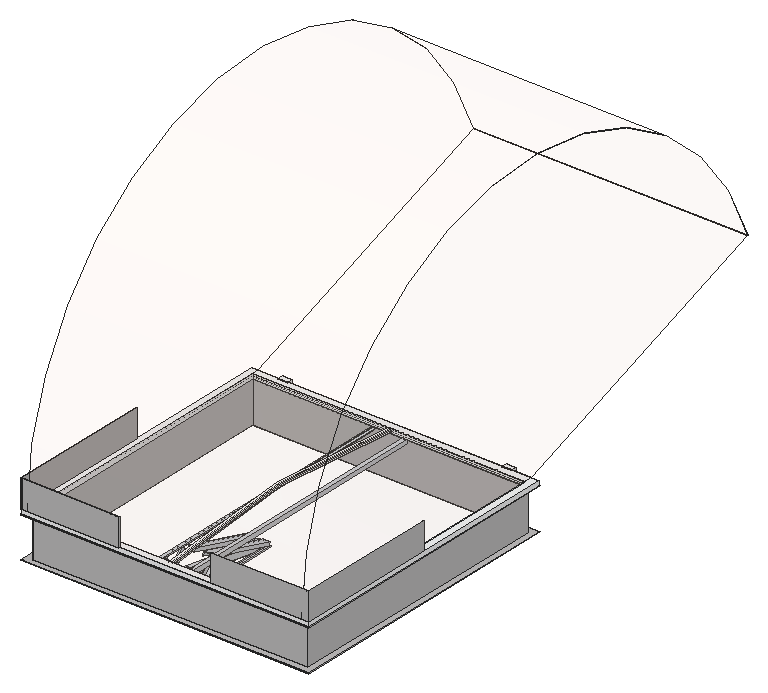
Revit family "Aluco Fire SP 1P (HI) (en)", category Generic Models, Revit 2020
Family settings
  Can host rebar = No
  Round Connector Dimension = Use Diameter
  Part Type = Normal
  OmniClass Number = 23.60.70.14.11
  OmniClass Title = Smoke Dampers
  Work Plane-Based = Yes
  Always vertical = No
  Cut with Voids When Loaded = Yes
  Shared = No
  Room Calculation Point = No
Parameters (values of type "bridge-free system with pneumatic drive")
  Opening length [instance] = [Vent width (B)] + 2 * [Opening narrowing (Length)]  # 2000 mm
  Note [instance] = if(or([Vent span (A)] > 3000 mm, [Vent span (A)] < 1000 mm, [Vent width (B)] > 2000 mm, [Vent width (B)] < 1000 mm), "The manufacturer's recommended dimensions have been exceeded", "-")  # "-"
  Opening narrowing (span) [instance] = 0 mm
  Wind exposure classification = "WL 1500"  # constant formula
  Vent span (A) [instance] = 2000 mm
  Space for thermal insulation [instance] = if([Space for thermal insulation (variant)] < 2, 50 mm, if([Space for thermal insulation (variant)] < 3, 80 mm, if([Space for thermal insulation (variant)] < 4, 100 mm, if([Space for thermal insulation (variant)] < 5, 150 mm, 200 mm))))  # 50 mm
  Smoke exhaust surface [instance] = 1.00 m² * size_lookup("ALUCO FIRE SP 1P (HI)", if(and([Opening narrowing (span)] = 0 mm, [Opening narrowing (Length)] = 0 mm, Deflectors), "Prosta z owiewkami", if(and([Opening narrowing (span)] = 0 mm, [Opening narrowing (Length)] = 0 mm, not(Deflectors)), "Prosta bez owiewek", if(and(or([Opening narrowing (span)] > 0 mm, [Opening narrowing (Length)] > 0 mm), Deflectors), "Skośna z owiewkami", "Skośna bez owiewek"))), 0 mm, round([Vent span (A)] / 100 mm) * 100 mm, round([Vent width (B)] / 100 mm) * 100 mm) / 1 mm  # 3.00 m²
  Profile material = Aluco - aluminum
  Product URL = "https://aluco.com.pl/oferta/oddymianie/klapy-punktowe/"
  Power supply = 0 V
  Panel thickness [instance] = if([Filling thickness (variant)] < 3, 10 mm, if([Filling thickness (variant)] < 5, 16 mm, if([Filling thickness (variant)] < 7, 20 mm, if([Filling thickness (variant)] < 9, 25 mm, if([Filling thickness (variant)] < 11, 20 mm, if([Filling thickness (variant)] < 13, 26 mm, 32 mm))))))  # 10 mm
  Panel material = Aluco - polycarbonate
  Opening span [instance] = [Vent span (A)] + 2 * [Opening narrowing (span)]  # 2000 mm
  Opening angle = 160.00°  # constant formula
  Maximum snow load = "SL 2000"  # constant formula
  Opening narrowing (Length) [instance] = 0 mm
  Range of motion [instance] = yes
  Vent width (B) [instance] = 2000 mm
  URL = "https://aluco.com.pl/"
  High temperature resistance class = "B 300"  # constant formula
  Heat transfer coefficient [instance] = "For verification after contact with the Manufacturer"  # constant formula
  Geometric surface [instance] = 1.00 m² * size_lookup("ALUCO FIRE SP 1P (HI)", "Powierzchnia geometryczna", 0 mm, round([Vent span (A)] / 100 mm) * 100 mm, round([Vent width (B)] / 100 mm) * 100 mm) / 1 mm  # 2.36 m²
  Fall protection safety grids [instance] = no
  Economic system = no
  Confirmed performance in extremely low temperatures = "T -15"  # constant formula
  Bridge-free system = not(Economic system)  # yes
  Span [instance] = "from 1000 mm x 1000 mm to 3000 mm x 2000 mm"  # constant formula
  Reliability of operation = "RE 10000"  # constant formula
  Space for thermal insulation (variant) [instance] = 0
  Manufacturer = "ALUCO SYSTEM SP. Z O.O"  # constant formula
  Drive type = "pneumatic drive"
  Description = "Single-leaf smoke damper with a straight and straight-slant base"  # constant formula
  Type Image = ALUCO FIRE SP 1P (HI).png
  Installation [instance] = if(and([Opening narrowing (span)] = 0 mm, [Opening narrowing (Length)] = 0 mm), "montage on a straight base", "montage on a straight-slant base")  # "montage on a straight base"
  Model = "Fire SP 1P (HI)"
  Type Comments = "Smoke damper in a bridge-free system with increased thermal insulation"
  Safety classification against drop from height = "SB 1200"  # constant formula
  Fire protection class = "BRoof (t1)"  # constant formula
  Catalog card [instance] = "no link to the card"
  IfcExportAs = "\"IfcWindowType\""
  Filling thickness (variant) [instance] = 1
  Base panel thickness (variant) [instance] = 0
  Deflectors [instance] = yes
  Deflector material = Aluco - galvanized steel
  Default Elevation = 0 mm  # constant formula
  Base panel thickness [instance] = if([Base panel thickness (variant)] < 2, 1.5 mm, 2 mm)  # 1.5 mm
  Base material = Aluco - galvanized steel
  Base height [instance] = 300 mm
Types (7, lengths in mm): name | Opening length | Vent span (A) | Smoke exhaust surface | Power supply | Opening span | Vent width (B) | Geometric surface | Economic system | Bridge-free system | Drive type | Model | Type Comments
  (no name) | 2000 | 2000 | 3.00 m² | 0 V | 2000 | 2000 | 2.36 m² | no | yes | "pneumatic drive" | "Fire SP 1P (HI)" | "Smoke damper in a bridge-free system with increased thermal insulation"
  bridge-free system with pneumatic drive | 2000 | 2000 | 3.00 m² | 0 V | 2000 | 2000 | 2.36 m² | no | yes | "pneumatic drive" | "Fire SP 1P (HI)" | "Smoke damper in a bridge-free system with increased thermal insulation"
  economical system with pneumatic drive | 2000 | 2000 | 3.00 m² | 0 V | 2000 | 2000 | 2.36 m² | yes | no | "pneumatic drive" | "Fire SP 1P" | "Smoke damper in a economical system"
  bridge-free system with pneumatic-electric drive | 2000 | 2000 | 3.00 m² | 230 V | 2000 | 2000 | 2.36 m² | no | yes | "pneumatic-electric drive" | "Fire SP 1P (HI)" | "Smoke damper in a bridge-free system with increased thermal insulation"
  bridge-free system with electric drive | 1000 | 1000 | 0.76 m² | 230 V | 1000 | 1000 | 1.00 m² | no | yes | "electric drive" | "Fire SP 1P (HI)" | "Smoke damper in a bridge-free system with increased thermal insulation"
  economical system with pneumatic-electric drive | 2000 | 2000 | 3.00 m² | 230 V | 2000 | 2000 | 2.36 m² | yes | no | "pneumatic-electric drive" | "Fire SP 1P" | "Smoke damper in a economical system"
  economical system with electric drive | 2000 | 2000 | 3.00 m² | 230 V | 2000 | 2000 | 2.36 m² | yes | no | "electric drive" | "Fire SP 1P" | "Smoke damper in a economical system"
Reference planes
  plane 1 "Środek (Przód/Tył)": y = 0
  plane 2: z = 0
  plane 3 "Środek (Lewa/Prawa)": x = 205.773
  plane 4: z = 300
  plane 5: x = -794.227
  plane 6: y = 1000
  plane 7: x = 1205.773
  plane 8: y = -1000
  plane 9: x = -794.227
  plane 10: y = -1000
  plane 11: x = 1205.773
  plane 12: y = 1000
  plane 13: x = -794.227
  plane 14: x = 1205.773
  plane 15: z = 500
  plane 16: z = -700
Forms (mm)
  Extrusion 1, solid, material "Aluco - galvanized steel" <- "Base material", detail levels medium+fine
    sketch origin (0, 0, 0) x (1, 0, 0) y (0, 1, 0)
      loop
        line (-845.727, 1051.5) -> (-845.727, -1051.5) -> (1257.273, -1051.5) -> (1257.273, 1051.5) -> (-845.727, 1051.5)
      loop
        line (-794.227, 1000) -> (-794.227, -1000) -> (1205.773, -1000) -> (1205.773, 1000) -> (-794.227, 1000)
    from 0 to 1.5 <- "Base panel thickness"
  Extrusion 2, solid, material "Aluco - galvanized steel" <- "Base material", detail levels medium+fine
    sketch origin (4267.2, -1436.636, 300) x (0, -1, 0) y (1, 0, 0)
      loop
        line (-2436.636, -5061.427) -> (-436.636, -5061.427) -> (-436.636, -3061.427) -> (-2436.636, -3061.427) -> (-2436.636, -5061.427)
      loop
        line (-2488.136, -5112.927) -> (-385.136, -5112.927) -> (-385.136, -3009.927) -> (-2488.136, -3009.927) -> (-2488.136, -5112.927)
    from 0 to 1.5
  Blend 3, solid, material "Aluco - galvanized steel" <- "Base material", detail levels medium+fine
    base sketch origin (0, 0, 0) x (1, 0, 0) y (0, 1, 0)
      loop
        line (-795.727, 1001.5) -> (-795.727, -1001.5) -> (1207.273, -1001.5) -> (1207.273, 1001.5) -> (-795.727, 1001.5)
    top sketch origin (0, 0, 0) x (1, 0, 0) y (0, 1, 0)
      loop
        line (-795.727, 1001.5) -> (-795.727, -1001.5) -> (1207.273, -1001.5) -> (1207.273, 1001.5) -> (-795.727, 1001.5)
    from 0 to 300
  Blend 4, void
    base sketch origin (0, 0, 0) x (1, 0, 0) y (0, 1, 0)
      loop
        line (-794.227, 1000) -> (-794.227, -1000) -> (1205.773, -1000) -> (1205.773, 1000) -> (-794.227, 1000)
    top sketch origin (0, 0, 0) x (1, 0, 0) y (0, 1, 0)
      loop
        line (-794.227, 1000) -> (-794.227, -1000) -> (1205.773, -1000) -> (1205.773, 1000) -> (-794.227, 1000)
    from 0 to 300
  Extrusion 5, solid, detail levels coarse
    sketch origin (0, 0, 0) x (1, 0, 0) y (0, 1, 0)
      loop
        line (-794.227, 1000) -> (-794.227, -1000) -> (1205.773, -1000) -> (1205.773, 1000) -> (-794.227, 1000)
    from 0 to 500
  Extrusion 6, void
    sketch origin (0, 0, 0) x (1, 0, 0) y (0, 1, 0)
      loop
        line (-794.227, 1000) -> (-794.227, -1000) -> (1205.773, -1000) -> (1205.773, 1000) -> (-794.227, 1000)
    from -700 to 300
  Extrusion 7, solid, material "Aluco - range of motion", visible <- "Range of motion", detail levels medium+fine
    sketch origin (205.773, 0, 0) x (0, 1, 0) y (0, 0, 1)
      loop
        line (-1048.5, 335) -> (1046.5, 335) -> (3015.156, 1051.532)
        arc (3015.156, 1051.532) -> (682.707, 2398.172) -> (-1048.5, 335) r 2095
    from -1000 to 1000
  Extrusion 8, solid, material "Aluco - fall protection safety grids", visible <- "Fall protection safety grids", detail levels medium+fine
    sketch origin (4267.2, -1436.636, 300) x (0, -1, 0) y (1, 0, 0)
      loop
        line (-2436.636, -5061.427) -> (-436.636, -5061.427) -> (-436.636, -3061.427) -> (-2436.636, -3061.427) -> (-2436.636, -5061.427)
    from 0 to -5
Cuts and joins
  Blend 4 cuts Blend 3
  joined: Extrusion 1, Extrusion 2, Blend 3
Lines and regions (mm)
  reference lines
    curve 1: line (-844.227, 1050, 0) -> (1255.773, 1050, 0)
    curve 2: line (-844.227, -1050, 0) -> (-844.227, 1050, 0)
    curve 3: line (1255.773, -1050, 0) -> (-844.227, -1050, 0)
    curve 4: line (1255.773, 1050, 0) -> (1255.773, -1050, 0)
    curve 5: line (-844.227, 1050, 0) -> (1255.773, 1050, 0)
    curve 6: line (-844.227, -1050, 0) -> (-844.227, 1050, 0)
    curve 7: line (1255.773, -1050, 0) -> (-844.227, -1050, 0)
    curve 8: line (1255.773, 1050, 0) -> (1255.773, -1050, 0)
Dimensions and locks
  "Base height": plane 4 to level
  equal spacing: plane 5, plane 3 "Środek (Lewa/Prawa)", plane 7
  "Opening length": plane 5 to plane 7
  equal spacing: plane 6, plane 1 "Środek (Przód/Tył)", plane 8
  "Opening span": plane 6 to plane 8
  equal spacing: plane 10, plane 1 "Środek (Przód/Tył)", plane 12
  "Vent span (A)": plane 10 to plane 12
  equal spacing: plane 9, plane 3 "Środek (Lewa/Prawa)", plane 11
  "Vent width (B)": plane 9 to plane 11
  "Space for thermal insulation": curve 5 to plane 6
  "Space for thermal insulation": curve 6 to plane 5
  "Space for thermal insulation": curve 2 to plane 9
  "Space for thermal insulation": plane 12 to curve 1
  "Space for thermal insulation": plane 11 to curve 4
  "Space for thermal insulation": plane 10 to curve 3
  "Space for thermal insulation": curve 7 to plane 8
  "Space for thermal insulation": plane 7 to curve 8
  "Base panel thickness": curve 8 to Extrusion 1 sketch curve
  "Base panel thickness": curve 7 to Extrusion 1 sketch curve
  "Base panel thickness": curve 5 to Extrusion 1 sketch curve
  "Base panel thickness": Extrusion 1 sketch curve to curve 6
  "Base panel thickness": Extrusion 2 sketch curve to curve 2
  "Base panel thickness": curve 4 to Extrusion 2 sketch curve
  "Base panel thickness": Extrusion 2 sketch curve to curve 1
  "Base panel thickness": Extrusion 2 sketch curve to curve 3
  "Base panel thickness": Blend 3 sketch curve to plane 5
  "Base panel thickness": plane 8 to Blend 3 sketch curve
  "Base panel thickness": plane 7 to Blend 3 sketch curve
  "Base panel thickness": Blend 3 sketch curve to plane 6
  "Base panel thickness": plane 11 to Blend 3 sketch curve
  "Base panel thickness": plane 12 to Blend 3 sketch curve
  "Base panel thickness": plane 10 to Blend 3 sketch curve
  "Base panel thickness": Blend 3 sketch curve to plane 9
  "Vent width (B)": plane 13 to plane 14
  equal spacing: plane 13, plane 3 "Środek (Lewa/Prawa)", plane 14
  locked: plane 15 to plane 4 at 200
  locked: plane 2 to plane 16 at 700
  nested 1 to plane 1 "Środek (Przód/Tył)" = 135.158 mm
  locked: Extrusion 7 sketch curve to Extrusion 7 sketch curve (angle 160.00°)
  aligned and locked: level to plane 2
  aligned and locked: Extrusion 1 sketch curve to plane 5
  aligned and locked: Extrusion 1 sketch curve to plane 6
  aligned and locked: Extrusion 1 sketch curve to plane 7
  aligned and locked: Extrusion 1 sketch curve to plane 8
  aligned and locked: Extrusion 2 sketch curve to plane 9
  aligned and locked: Extrusion 2 sketch curve to plane 12
  aligned and locked: Extrusion 2 sketch curve to plane 11
  aligned and locked: Extrusion 2 sketch curve to plane 10
  aligned and locked: plane 4 to Blend 3
  aligned and locked: Blend 4 sketch curve to plane 5
  aligned and locked: Blend 4 sketch curve to plane 6
  aligned and locked: Blend 4 sketch curve to plane 7
  aligned and locked: Blend 4 sketch curve to plane 8
  aligned and locked: Blend 4 sketch curve to plane 9
  aligned and locked: Blend 4 sketch curve to plane 10
  aligned and locked: Blend 4 sketch curve to plane 11
  aligned and locked: Blend 4 sketch curve to plane 12
  aligned and locked: plane 4 to Blend 4
  aligned and locked: plane 10 to nested 1
  aligned and locked: plane 12 to nested 1
  aligned and locked: nested 2 to plane 3 "Środek (Lewa/Prawa)"
  aligned and locked: Extrusion 5 to plane 15
  aligned and locked: Extrusion 5 to plane 2
  aligned and locked: Extrusion 6 sketch curve to plane 6
  aligned and locked: plane 5 to Extrusion 6 sketch curve
  aligned and locked: Extrusion 6 sketch curve to plane 8
  aligned and locked: Extrusion 6 sketch curve to plane 7
  aligned and locked: Extrusion 6 to plane 16
  aligned and locked: plane 4 to Extrusion 6
  aligned and locked: Extrusion 5 sketch curve to plane 5
  aligned and locked: Extrusion 5 sketch curve to plane 7
  aligned and locked: Extrusion 5 sketch curve to plane 8
  aligned and locked: Extrusion 5 sketch curve to plane 6
  aligned and locked: plane 14 to Extrusion 8 sketch curve
  aligned and locked: plane 10 to Extrusion 8 sketch curve
  aligned and locked: Extrusion 8 sketch curve to plane 13
  aligned and locked: Extrusion 8 sketch curve to plane 12
  aligned and locked: Extrusion 7 sketch curve to nested 2
  aligned and locked: Extrusion 7 to plane 11
  aligned and locked: Extrusion 7 to plane 9
Automatic sketch dimensions
  Extrusion 7 sketch curve to plane 12 = 46.5 mm
  Extrusion 7 sketch curve to Extrusion 7 sketch curve = 0 mm
  Extrusion 7 sketch curve to plane 10 = 48.5 mm
Nested families
  nested 1: "Single-leaf damper actuator" at (205.773, -1000, 300) x (0, 1, 0) z (0, 0, 1), type "Single-leaf damper actuator", detail levels fine
    with Długość prowadnic 2000 mm
  nested 2: "Damper" at (705.773, 0, 300) x (-1, 0, 0) z (0, 0, 1), Materiał profili <- "Profile material", Materiał płyty <- "Panel material", Rozpiętość klapy <- "Vent width (B)", Szerokość klapy <- "Vent width (B)", Grubość wypełnienia (wariant) <- "Filling thickness (variant)", Materiał owiewki <- "Deflector material", Owiewka <- "Deflectors", type "Damper", detail levels medium+fine
    with Szerokość klapy 2000 mm, Rozpiętość klapy 2000 mm, Owiewka yes, Materiał płyty Aluco - polycarbonate, Materiał profili Aluco - aluminum, Materiał owiewki Aluco - galvanized steel, Grubość wypełnienia (wariant) 1, Grubość płyty 10 mm, Grubość profilu' 46.5 mm, Grubość profilu 35 mm
Connectors
  electrical at (205.773, 0, 0), driven by "Power supply"
    settings: index 1, voltage 0 V, apparent load 0 VA, apparent load phase1 0 VA, apparent load phase2 0 VA, apparent load phase3 0 VA, power factor 1, load classification "Inne", number of poles 1, system type 30, power factor state 1, is connector primary yes, connector utility no, sub classification motor no, connector description ""
Definition of nested family "Single-leaf damper actuator"
  Parameters (values of type "Siłownik klapy jednoskrzydłowej zamkniętej")
    Define Thermal Properties by = 1
    Analytic Construction = "<Brak>"
    Długość prowadnic [instance] = 1500 mm
    Default Elevation = 0 mm  # constant formula
  Reference planes
    plane 1 "Środek (Przód/Tył)": y = 0
    plane 2: z = 0
    plane 3 "Środek (Lewa/Prawa)": x = 0
    plane 4: z = -200
    plane 5: y = -125
    plane 6: y = 125
    plane 7: x = 600
    plane 8: x = 1500
    plane 9: y = -98
    plane 10: y = 98
    plane 11: y = -78
    plane 12: y = 78
    plane 13: x = 1500
    plane 14: x = 1464.07
    plane 15: z = -77
    plane 16: z = -250
    plane 17: x = -110
    plane 18: x = 1800
    plane 19: x = 290
    plane 20: x = 60.93
    plane 21: x = 1087.93
    plane 22: x = 41.93
    plane 23: x = 1060.884
    plane 24: x = 265
    plane 25: x = 864.842
  Forms (mm)
    Extrusion 1, solid
      sketch origin (0, 0, 0) x (1, 0, 0) y (0, 1, 0)
        loop
          line (-1219.2, 1219.2) -> (-1219.2, -1219.2) -> (1219.2, -1219.2) -> (1219.2, 1219.2) -> (-1219.2, 1219.2)
      from 0 to -304.8
    Sweep 2, solid, detail levels medium+fine
      path in 3D
        loop
          line (0, -125, 0) -> (1500, -125, 0)
      profile origin (750, -125, 0) x (0, 0, 1) y (0, -1, 0)
        loop
          line (0, -27) -> (0, 0) -> (-27, 0) -> (-27, -3) -> (-3, -3) -> (-3, -27) -> (0, -27)
    Sweep 3, solid, detail levels medium+fine
      path in 3D
        loop
          line (0, 125, 0) -> (1500, 125, 0)
      profile origin (750, 125, 0) x (0, 0, -1) y (0, 1, 0)
        loop
          line (0, -27) -> (3, -27) -> (3, -3) -> (27, -3) -> (27, 0) -> (0, 0) -> (0, -27)
    Sweep 4, solid, detail levels medium+fine
      path origin (73.93, -98, 0) x (1, 0, 0) y (0, 0, 1)
        loop
          line (0, 0) -> (0, -200)
      profile origin (73.93, -98, -100) x (0, -1, 0) y (1, 0, 0)
        loop
          line (-27, -13) -> (0, -13) -> (0, 14) -> (-3, 14) -> (-3, -10) -> (-27, -10) -> (-27, -13)
    Sweep 5, solid, detail levels medium+fine
      path origin (73.93, 98, 0) x (1, 0, 0) y (0, 0, -1)
        loop
          line (0, 0) -> (0, 200)
      profile origin (73.93, 98, -100) x (0, 1, 0) y (-1, 0, 0)
        loop
          line (-27, 13) -> (-27, 10) -> (-3, 10) -> (-3, -14) -> (0, -14) -> (0, 13) -> (-27, 13)
    Sweep 6, solid, detail levels medium+fine
      path in 3D
        loop
          line (87.677, -98.752, -199.873) -> (260.918, -98.752, -26.632)
      profile origin (174.297, -98.752, -113.252) x (-0.707107, 0, 0.707107) y (0, -1, 0)
        loop
          line (29.82, 3) -> (2.82, 3) -> (2.82, 30) -> (-0.18, 30) -> (-0.18, 0) -> (29.82, 0) -> (29.82, 3)
    Sweep 7, solid, detail levels medium+fine
      path in 3D
        loop
          line (87.677, 98, -199.873) -> (260.918, 98, -26.632)
      profile origin (174.297, 98, -113.252) x (0.707107, 0, -0.707107) y (0, 1, 0)
        loop
          line (-29.82, 3) -> (-29.82, 0) -> (0.18, 0) -> (0.18, 30) -> (-2.82, 30) -> (-2.82, 3) -> (-29.82, 3)
    Sweep 8, solid, detail levels medium+fine
      path in 3D
        loop
          line (50.727, 63, -200.156) -> (817.931, 63, -200.156)
      profile origin (434.329, 63, -200.156) x (0, 0, -1) y (0, 1, 0)
        loop
          line (0, 0) -> (0, 15) -> (-8, 15) -> (-8, 13.5) -> (-1.5, 13.5) -> (-1.5, -13.5) -> (-8, -13.5) -> (-8, -15) -> (0, -15) -> (0, 0)
    Sweep 9, solid, detail levels medium+fine
      path in 3D
        loop
          line (87.931, -63, -200.156) -> (817.931, -63, -200.156)
      profile origin (452.931, -63, -200.156) x (0, 0, 1) y (0, -1, 0)
        loop
          line (-0.001, -15) -> (8, -15) -> (8, -13.517) -> (1.5, -13.517) -> (1.5, 13.5) -> (7.999, 13.5) -> (7.999, 15) -> (-0.001, 15) -> (-0.001, -15)
    Sweep 10, solid, detail levels medium+fine
      path in 3D
        loop
          line (41.93, 0, -77) -> (808.69, 0, -207.193)
      profile origin (425.31, 0, -142.096) x (0.1674, 0, 0.985889) y (0, -1, 0)
        loop
          line (-26.036, 0) -> (-26.036, -20) -> (-22.5, -23.536) -> (22.5, -23.536)
          arc (22.5, -23.536) -> (35.498, 0) -> (22.5, 23.536) r 27.807
          line (22.5, 23.536) -> (-22.5, 23.536) -> (-26.036, 20) -> (-26.036, 0)
    Sweep 11, solid, detail levels medium+fine
      path in 3D
        loop
          line (802.089, -54.464, -173.632) -> (265, -54.464, -15.092)
      profile origin (533.545, -54.464, -94.362) x (-0.283108, 0, -0.959088) y (0, -1, 0)
        loop
          line (11.579, -23.536) -> (11.579, -20.536) -> (-12.421, -20.536) -> (-12.421, 20.536) -> (11.579, 20.536) -> (11.579, 23.536) -> (-15.421, 23.536) -> (-15.421, -23.536) -> (11.579, -23.536)
    Sweep 12, solid, detail levels medium+fine
      path in 3D
        loop
          line (802.089, 55.536, -173.632) -> (265, 55.536, -15.092)
      profile origin (533.545, 55.536, -94.362) x (-0.283108, 0, -0.959088) y (0, -1, 0)
        loop
          line (11.579, -23.536) -> (11.579, -20.536) -> (-12.421, -20.536) -> (-12.421, 20.536) -> (11.579, 20.536) -> (11.579, 23.536) -> (-15.421, 23.536) -> (-15.421, -23.536) -> (11.579, -23.536)
  Lines and regions (mm)
    reference lines
      curve 1: line (0, -125, 0) -> (1500, -125, 0)
      curve 2: line (0, 125, 0) -> (1500, 125, 0)
      curve 9: line (41.93, 0, -77) -> (1060.8, 0, -250)
      curve 11: line (864.842, -54.464, -192.156) -> (265, -54.464, -15.092)
      curve 13: line (864.842, 55.536, -192.156) -> (265, 55.536, -15.092)
    sketch lines
      curve 3: line (0, -125, 0) -> (1500, -125, 0)
      curve 4: line (0, 125, 0) -> (1500, 125, 0)
      curve 5: line (87.677, -98.752, -199.873) -> (260.918, -98.752, -26.632)
      curve 6: line (87.677, 98, -199.873) -> (260.918, 98, -26.632)
      curve 7: line (50.727, 63, -200.156) -> (817.931, 63, -200.156)
      curve 8: line (87.931, -63, -200.156) -> (817.931, -63, -200.156)
      curve 10: line (41.93, 0, -77) -> (808.69, 0, -207.193)
      curve 12: line (802.089, -54.464, -173.632) -> (265, -54.464, -15.092)
      curve 14: line (802.089, 55.536, -173.632) -> (265, 55.536, -15.092)
  Dimensions and locks
    "Długość prowadnic": plane 8 to plane 3 "Środek (Lewa/Prawa)"
    locked: plane 2 to plane 4 at 200
    equal spacing: plane 5, plane 1 "Środek (Przód/Tył)", plane 6
    locked: plane 5 to plane 6 at 250
    locked: plane 9 to plane 11 at 20
    locked: plane 12 to plane 10 at 20
    equal spacing: plane 11, plane 1 "Środek (Przód/Tył)", plane 12, locked at 78 each
    plane 17 to plane 19 = 400 mm
    aligned and locked: plane 2 to Extrusion 1
    aligned and locked: level to Extrusion 1
    aligned and locked: plane 5 to curve 1
    aligned and locked: plane 20 to Sweep 5
    aligned and locked: plane 20 to Sweep 4
    aligned and locked: plane 22 to curve 9
    aligned and locked: plane 24 to curve 11
    aligned and locked: curve 11 to Sweep 9
  Automatic sketch dimensions
    Extrusion 1 sketch curve to Extrusion 1 sketch curve = 2438.4 mm  (x2)
    curve 9 to plane 16 = 0 mm
    curve 9 to plane 15 = 0 mm
    plane 23 to curve 9 = 0.084 mm
    curve 1 to level = 0 mm
    curve 1 to plane 3 "Środek (Lewa/Prawa)" = 0 mm
    plane 8 to curve 1 = 0 mm
    curve 2 to level = 0 mm
    curve 2 to plane 3 "Środek (Lewa/Prawa)" = 0 mm
    plane 8 to curve 2 = 0 mm
    Sweep 2 sketch curve to profile plane = 0 mm
    profile plane to Sweep 2 sketch curve = 0 mm
    Sweep 2 sketch curve to Sweep 2 sketch curve = 3 mm
    Sweep 2 sketch curve to profile plane = 3 mm
    Sweep 2 sketch curve to Sweep 2 sketch curve = 24 mm  (x2)
    Sweep 3 sketch curve to profile plane = 0 mm  (x2)
    Sweep 3 sketch curve to Sweep 3 sketch curve = 3 mm  (x2)
    Sweep 3 sketch curve to Sweep 3 sketch curve = 24 mm  (x2)
    plane 25 to curve 11 = 0 mm
    plane 4 to curve 11 = 7.844 mm
    curve 11 to level = 15.092 mm
    plane 24 to curve 13 = 0 mm
    plane 25 to curve 13 = 0 mm
    plane 4 to curve 13 = 7.844 mm
    curve 13 to level = 15.092 mm
    Sweep 4 sketch curve to plane 4 = 0 mm
    Sweep 4 sketch curve to level = 0 mm
    Sweep 4 sketch curve to plane 20 = 13 mm
    profile plane to Sweep 4 sketch curve = 0 mm
    Sweep 4 sketch curve to profile plane = 3 mm
    Sweep 4 sketch curve to Sweep 4 sketch curve = 24 mm
    profile plane to Sweep 4 sketch curve = 13 mm
    Sweep 4 sketch curve to Sweep 4 sketch curve = 3 mm
    Sweep 4 sketch curve to profile plane = 14 mm
    Sweep 5 sketch curve to plane 4 = 0 mm
    Sweep 5 sketch curve to level = 0 mm
    Sweep 5 sketch curve to plane 20 = 13 mm
    Sweep 5 sketch curve to profile plane = 0 mm
    Sweep 5 sketch curve to profile plane = 3 mm
    Sweep 5 sketch curve to Sweep 5 sketch curve = 24 mm
    profile plane to Sweep 5 sketch curve = 14 mm
    Sweep 5 sketch curve to profile plane = 10 mm
    Sweep 5 sketch curve to Sweep 5 sketch curve = 3 mm
    profile plane to Sweep 6 sketch curve = 0 mm
    profile plane to Sweep 6 sketch curve = 0.18 mm
    Sweep 6 sketch curve to profile plane = 2.82 mm
    Sweep 6 sketch curve to Sweep 6 sketch curve = 27 mm  (x2)
    Sweep 6 sketch curve to Sweep 6 sketch curve = 3 mm
    Sweep 7 sketch curve to profile plane = 0 mm
    profile plane to Sweep 7 sketch curve = 3 mm
    profile plane to Sweep 7 sketch curve = 29.82 mm
    profile plane to Sweep 7 sketch curve = 2.82 mm
    Sweep 7 sketch curve to profile plane = 0.18 mm
    Sweep 7 sketch curve to Sweep 7 sketch curve = 27 mm
    Sweep 8 sketch curve to profile plane = 0 mm  (x2)
    profile plane to Sweep 8 sketch curve = 1.5 mm
    Sweep 8 sketch curve to Sweep 8 sketch curve = 6.5 mm  (x2)
    Sweep 8 sketch curve to profile plane = 13.5 mm
    Sweep 8 sketch curve to Sweep 8 sketch curve = 1.5 mm  (x2)
    profile plane to Sweep 8 sketch curve = 13.5 mm
    profile plane to Sweep 9 sketch curve = 0.001 mm
    Sweep 9 sketch curve to profile plane = 1.5 mm
    Sweep 9 sketch curve to Sweep 9 sketch curve = 6.499 mm
    Sweep 9 sketch curve to Sweep 9 sketch curve = 6.5 mm
    Sweep 9 sketch curve to profile plane = 15 mm
    Sweep 9 sketch curve to Sweep 9 sketch curve = 1.483 mm
    profile plane to Sweep 9 sketch curve = 13.5 mm
    Sweep 9 sketch curve to Sweep 9 sketch curve = 1.5 mm
    Sweep 10 sketch curve to profile plane = 0 mm  (x2)
    profile plane to Sweep 10 sketch curve = 26.036 mm
    Sweep 10 sketch curve to Sweep 10 sketch curve = 3.536 mm  (x4)
    Sweep 10 sketch curve to profile plane = 7.692 mm
    Sweep 10 sketch curve to profile plane = 22.5 mm  (x2)
    Sweep 10 sketch curve to Sweep 10 sketch curve = 20 mm
    profile plane to Sweep 11 sketch curve = 15.421 mm
    Sweep 11 sketch curve to Sweep 11 sketch curve = 3 mm  (x3)
    Sweep 11 sketch curve to profile plane = 11.579 mm  (x2)
    Sweep 11 sketch curve to profile plane = 23.536 mm
    profile plane to Sweep 11 sketch curve = 20.536 mm
    profile plane to Sweep 12 sketch curve = 15.421 mm
    Sweep 12 sketch curve to Sweep 12 sketch curve = 3 mm  (x3)
    Sweep 12 sketch curve to profile plane = 11.579 mm  (x2)
    Sweep 12 sketch curve to profile plane = 23.536 mm
    profile plane to Sweep 12 sketch curve = 20.536 mm
Definition of nested family "Damper"
  Parameters (values of type "Klapa")
    Define Thermal Properties by = 1
    Szerokość klapy [instance] = 2000 mm
    Rozpiętość klapy [instance] = 2000 mm
    Owiewka [instance] = yes
    Materiał płyty [instance] = none
    Materiał profili [instance] = none
    Materiał owiewki [instance] = none
    Analytic Construction = "<Brak>"
    Grubość wypełnienia (wariant) [instance] = 1
    Grubość płyty [instance] = if([Grubość wypełnienia (wariant)] < 3, 10 mm, if([Grubość wypełnienia (wariant)] < 5, 16 mm, if([Grubość wypełnienia (wariant)] < 7, 20 mm, if([Grubość wypełnienia (wariant)] < 9, 25 mm, if([Grubość wypełnienia (wariant)] < 11, 20 mm, if([Grubość wypełnienia (wariant)] < 13, 26 mm, 32 mm))))))  # 10 mm
    Grubość profilu' [instance] = Grubość profilu + 11.5 mm  # 46.5 mm
    Grubość profilu [instance] = if(2 * Grubość płyty < 35 mm, 35 mm, 2 * Grubość płyty)  # 35 mm
    Default Elevation = 0 mm
  Reference planes
    plane 1 "Środek (Przód/Tył)": y = 0
    plane 2: z = 0
    plane 3 "Środek (Lewa/Prawa)": x = -500
    plane 4: y = -1000
    plane 5: y = 1000
    plane 6: z = 0
    plane 7: x = 1500
    plane 8: x = 500
    plane 9: z = 25
    plane 10: z = 15
    plane 11: z = 35
    plane 12: x = 166.667
    plane 13: x = 833.333
  Forms (mm)
    Sweep 1, solid, material <- "Materiał profili"
      path origin (0, 0, 0) x (1, 0, 0) y (0, 1, 0)
        loop
          line (-500, 1000) -> (-500, -1000) -> (1500, -1000) -> (1500, 1000) -> (-500, 1000)
      profile "Rama : Rama" origin (-500, 0, 0) x (1, 0, 0) y (0, 0, 1)
        loop
          line (0, 0) -> (0, 35) -> (-46.5, 35) -> (-46.5, 0) -> (0, 0)
    Blend 2, solid, material <- "Materiał płyty"
      base sketch origin (-500, 0, 0) x (0, 1, 0) y (0, 0, 1)
        loop
          line (-1000, 25) -> (-1000, 15) -> (1000, 15) -> (1000, 25) -> (-1000, 25)
      top sketch origin (-500, 0, 0) x (0, 1, 0) y (0, 0, 1)
        loop
          arc (-1000, 15) -> (0, 101.703) -> (1000, 15) r 5810.138
          line (1000, 15) -> (1000, 25.234)
          arc (1000, 25.234) -> (0, 111.785) -> (-1000, 25.234) r 5820.22
          line (-1000, 25.234) -> (-1000, 15)
      from 0 to 1000
    Blend 3, solid, material <- "Materiał płyty"
      base sketch origin (1000, 0, 0) x (0, 1, 0) y (0, 0, -1)
        loop
          line (-1000, -25) -> (1000, -25) -> (1000, -15) -> (-1000, -15) -> (-1000, -25)
      top sketch origin (1000, 0, 0) x (0, 1, 0) y (0, 0, -1)
        loop
          line (-1000, -15) -> (-1000, -25.234)
          arc (-1000, -25.234) -> (0, -111.785) -> (1000, -25.234) r 5820.22
          line (1000, -25.234) -> (1000, -15)
          arc (1000, -15) -> (0, -101.703) -> (-1000, -15) r 5810.138
      from -500 to 500
    Extrusion 4, solid, material <- "Materiał profili", detail levels fine
      sketch origin (500, 0, 0) x (0, 1, 0) y (0, 0, -1)
        loop
          line (-1000, -25.234) -> (-1000, -30.309)
          arc (-1000, -30.309) -> (0, -116.785) -> (1000, -30.309) r 5825.22
          line (1000, -30.309) -> (1000, -25.234)
          arc (1000, -25.234) -> (0, -111.785) -> (-1000, -25.234) r 5820.22
        loop
          line (1000, -15) -> (1000, -9.924)
          arc (1000, -9.924) -> (0, -96.703) -> (-1000, -9.924) r 5805.138
          line (-1000, -9.924) -> (-1000, -15)
          arc (-1000, -15) -> (0, -101.703) -> (1000, -15) r 5810.138
      from -14 to 14
    Extrusion 5, solid, material <- "Materiał profili", detail levels fine
      sketch origin (-500, 0, 0) x (0, 1, 0) y (0, 0, 1)
        loop
          line (-1046.5, 5) -> (-1046.5, 35) -> (-1086.5, 35) -> (-1086.5, 5) -> (-1046.5, 5)
      from 220 to 150
    Extrusion 6, solid, material <- "Materiał profili", detail levels fine
      sketch origin (1500, 1454.305, 1200) x (0, 1, 0) y (0, 0, 1)
        loop
          line (-2500.805, -1165) -> (-2540.805, -1165) -> (-2540.805, -1195) -> (-2500.805, -1195) -> (-2500.805, -1165)
      from -220 to -150
    Sweep 7, solid, material <- "Materiał owiewki", visible <- "Owiewka"
      path in 3D
        loop
          line (1546.5, -1046.5, 35) -> (1546.5, 1046.5, 35) -> (-546.5, 1046.5, 35) -> (-546.5, -1046.5, 35)
      profile origin (-546.5, 0, 35) x (1, 0, 0) y (0, 0, 1)
        loop
          line (0, 0) -> (0, 200) -> (-2, 200) -> (-2, 0) -> (0, 0)
    Extrusion 8, void
      sketch origin (0, 0, 0) x (1, 0, 0) y (0, 1, 0)
        loop
          line (-548.5, 0) -> (-548.5, -1046.5) -> (1548.5, -1046.5) -> (1548.5, 0) -> (833.333, 0) -> (833.333, 1048.5) -> (166.667, 1048.5) -> (166.667, 0) -> (-548.5, 0)
      from -14 to 235
  Cuts and joins
    Extrusion 8 cuts Sweep 7
  Lines and regions (mm)
    symbolic lines
      curve 1: line (-488.5, -998.571, 0) -> (500, 1000, 0)
      curve 2: line (500, 1000, 0) -> (1488.5, -998.571, 0)
    symbolic lines, detail levels coarse
      curve 3: line (-500, 1000, 0) -> (1500, 1000, 0)
      curve 4: line (-500, -1000, 0) -> (-500, 1000, 0)
      curve 5: line (1500, -1000, 0) -> (-500, -1000, 0)
      curve 6: line (1500, 1000, 0) -> (1500, -1000, 0)
    reference lines
      curve 7: line (-500, -1000, 0) -> (-500, 0, 131.652)
      curve 8: line (-500, 0, 131.652) -> (-500, 1000, 0)
    sketch lines
      curve 9: line (-546.5, 1046.5, 35) -> (-546.5, -1046.5, 35)
      curve 10: line (1546.5, 1046.5, 35) -> (-546.5, 1046.5, 35)
      curve 11: line (1546.5, -1046.5, 35) -> (1546.5, 1046.5, 35)
  Dimensions and locks
    equal spacing: plane 4, plane 1 "Środek (Przód/Tył)", plane 5
    "Rozpiętość klapy": plane 4 to plane 5
    "Szerokość klapy": plane 3 "Środek (Lewa/Prawa)" to plane 7
    equal spacing: plane 3 "Środek (Lewa/Prawa)", plane 8, plane 7
    "Grubość płyty": plane 9 to plane 10
    "Grubość profilu": level to plane 11
    locked: plane 9 to plane 11 at 10
    locked: Extrusion 5 sketch curve to Sweep 1 at 40
    Extrusion 5 sketch curve to Extrusion 5 sketch curve to plane 6 = 30 mm locked, 5 mm locked
    equal spacing: plane 3 "Środek (Lewa/Prawa)", plane 12, plane 13, plane 7
    angle plane 6 to curve 7 = 7.50°
    angle curve 8 to level = 7.50°
    aligned and locked: level to plane 2
    aligned and locked: plane 4 to curve 5
    aligned and locked: curve 3 to plane 5
    aligned and locked: curve 6 to plane 7
    aligned and locked: plane 3 "Środek (Lewa/Prawa)" to curve 4
    aligned and locked: Sweep 1 sketch curve to plane 3 "Środek (Lewa/Prawa)"
    aligned and locked: Sweep 1 sketch curve to plane 7
    aligned and locked: Sweep 1 sketch curve to plane 5
    aligned and locked: Sweep 1 sketch curve to plane 4
    aligned and locked: plane 4 to curve 7
    aligned and locked: plane 5 to curve 8
    aligned and locked: plane 1 "Środek (Przód/Tył)" to curve 8
    aligned and locked: Blend 2 sketch curve to plane 4  (x2)
    aligned and locked: Blend 2 sketch curve to plane 10
    aligned and locked: Blend 2 sketch curve to plane 9
    aligned and locked: plane 5 to Blend 2 sketch curve  (x2)
    aligned and locked: Blend 2 to plane 8
    aligned and locked: Blend 2 to plane 3 "Środek (Lewa/Prawa)"
    aligned and locked: plane 7 to Blend 3
    aligned and locked: Extrusion 4 sketch curve to Blend 3  (x4)
    aligned and locked: Blend 3 to Extrusion 4 sketch curve  (x2)
    aligned and locked: Extrusion 6 sketch curve to Sweep 1
    aligned and locked: Extrusion 5 sketch curve to Sweep 1
    aligned and locked: Extrusion 6 sketch curve to Extrusion 5  (x3)
    aligned and locked: Sweep 7 to Extrusion 8 sketch curve  (x3)
    aligned and locked: Extrusion 8 sketch curve to plane 1 "Środek (Przód/Tył)"
    aligned and locked: Extrusion 8 sketch curve to plane 13
    aligned and locked: Extrusion 8 sketch curve to plane 12
    aligned and locked: Extrusion 8 sketch curve to Sweep 1
  Automatic sketch dimensions
    curve 2 to plane 8 = 0 mm
    plane 4 to curve 1 = 1.429 mm
    plane 3 "Środek (Lewa/Prawa)" to curve 1 = 11.5 mm
    plane 4 to curve 2 = 1.429 mm
    curve 2 to plane 7 = 11.5 mm
    curve 8 to level = 0 mm
    Blend 2 sketch curve to Blend 2 sketch curve = 0 mm  (x2)
    Blend 2 sketch curve to plane 1 "Środek (Przód/Tył)" = 0 mm
    plane 10 to Blend 2 sketch curve = 0 mm
    Blend 2 sketch curve to level = 5708.435 mm
    plane 9 to Blend 2 sketch curve = 0.234 mm
    Blend 3 sketch curve to plane 4 = 0 mm  (x2)
    Blend 3 sketch curve to plane 5 = 0 mm  (x2)
    Blend 3 sketch curve to plane 9 = 0 mm
    Blend 3 sketch curve to plane 10 = 0 mm  (x2)
    Blend 3 sketch curve to Blend 3 sketch curve = 0 mm  (x2)
    Blend 3 sketch curve to plane 1 "Środek (Przód/Tył)" = 0 mm
    plane 9 to Blend 3 sketch curve = 0.234 mm
    Blend 3 sketch curve to level = 5708.435 mm
    Sweep 7 sketch curve to profile plane = 0 mm
    profile plane to Sweep 7 sketch curve = 0 mm
    profile plane to Sweep 7 sketch curve = 2 mm
    profile plane to Sweep 7 sketch curve = 200 mm
    plane 1 "Środek (Przód/Tył)" to Extrusion 8 sketch curve = 0 mm
    radius of Blend 3 to Extrusion 4 sketch curve = 5 mm
    radius of Extrusion 4 sketch curve to Blend 3 = 5 mm
